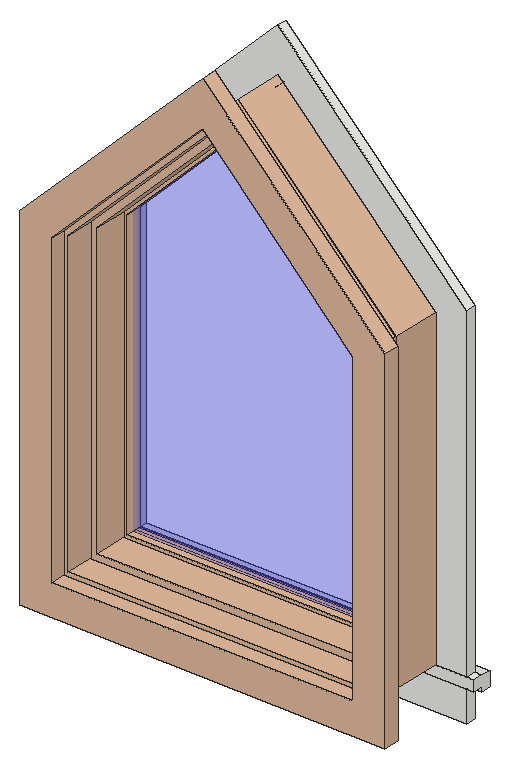
Revit family "M_Janela-fixa-pentágono", category Janelas, Revit 2019
Family settings
  Hospedeiro = Parede
  Número OmniClass = 23.30.20.17.11
  Título OmniClass = Fixed Windows
  Sempre na vertical = Sim
  Corte com vazios quando carregada = Não
  Compartilhado = Não
  Ponto de cálculo do ambiente = Não
Parameters (values of type "600 x 900mm")
  Janela aplicada [instance] = 0 mm
  Espessura da parede [instance] = 150 mm
  Visual Light Transmittance = 0.81
  Picos de altura = 300 mm
  Resistência térmica (R) = 0.319569 (m²·K)/W
  Solar Heat Gain Coefficient = 0.76
  Largura bruta = Largura + 15 mm  # 615 mm
  Altura bruta = Altura + 15 mm  # 915 mm
  Altura lateral = 600 mm
  Fechamento da parede interior [instance] = 54.75 mm
  Visibilidade do recorte interior [instance] = yes
  Material da apara interior = Madeira – Manchada
  Recorte interior = M_Moldura-janela-interior-plana-pentágono : Quadro
  Altura = Picos de altura + Altura lateral  # 900 mm
  Material da moldura interior = Madeira – Manchada
  Coeficiente de transferência de calor (U) = 3.12929 W/(m²·K)
  Material do painel de vidro = Vidro
  Extensão do quadro [instance] = if(Visibilidade da apara externa, Janela aplicada + 6.35 mm, 6.35 mm)  # 6.35 mm
  Classificação de incêndio = "0.5h"
  Fechamento da parede externa [instance] = 31.75 mm
  Visibilidade da apara externa [instance] = yes
  Material da apara externa = Revestimento – Branco
  Apara externa = M_Moldura-janela-exterior-plana-pentágono : com peitoril
  Material da moldura exterior = Revestimento – Branco
  Visibilidade do umbral da extensão [instance] = and(Visibilidade do recorte interior, Espessura da parede - Janela aplicada > 95.25 mm)  # yes
  Umbral da extensão [instance] = if(Espessura da parede - Janela aplicada > 95.25 mm, Espessura da parede - Janela aplicada - 95.25 mm, 25.4 mm)  # 54.75 mm
  Distância 6 = (38.1 mm - cos(Ângulo) * 38.1 mm) / sin(Ângulo)  # 15.782 mm
  Distância 5 = (19.05 mm - cos(Ângulo) * 19.05 mm) / sin(Ângulo)  # 7.891 mm
  Distância 3 = 38.1 mm / sin(Ângulo)  # 53.882 mm
  Distância 2 = 19.05 mm / sin(Ângulo)  # 26.941 mm
  Distância 1 = 12.7 mm / sin(Ângulo)  # 17.961 mm
  Distância 4 = (12.7 mm - cos(Ângulo) * 12.7 mm) / sin(Ângulo)  # 5.261 mm
  Altura-padrão do peitoril = 900 mm
  Fechamento da parede = Por hospedeiro
  Largura = 600 mm
  Código de montagem = "B2020100"
  Ângulo = atan(0.5 * Largura / Picos de altura)  # 45.00°
  Construção analítica = "Vidraça dupla – residencial"
Reference planes
  plane 1 "Centro (Frente/Trás)": y = 0
  plane 2: z = 0
  plane 3 "Centro (Esquerda/Direita)": x = 0
  plane 4 "Esquerda": x = -300
  plane 5 "Direita": x = 300
  plane 6 "Peitoril": z = 900
  plane 7 "Superior": z = 1800
  plane 8 "Inset Face": y = 75
  plane 9 "Fechamento da parede": y = -20.25
  plane 10 "Face do caixilho": y = 87.7
  plane 11 "Exterior": y = 75
  plane 12: x = 287.3
  plane 13: x = -287.3
  plane 14: z = 1787.3
  plane 15: z = 912.7
  plane 16: x = 261.9
  plane 17: x = -261.9
  plane 18: z = 1761.9
  plane 19: z = 938.1
  plane 20: y = 55.95
  plane 21 "Vidro": y = 65.475
  plane 22: y = 94.05
  plane 23: y = 94.05
  plane 24 "Interior": y = -75
  plane 25 "Umbral": y = -20.25
  plane 26: z = 1500
  plane 27: z = 1143
  plane 28: y = -20.25
  plane 29: y = 43.25
  plane 30: x = 280.95
  plane 31: x = -280.95
  plane 32: z = 1782.039
  plane 33: z = 1773.059
  plane 34: z = 1746.118
  plane 35: z = 1494.739
  plane 36: z = 1492.109
  plane 37: z = 1484.218
  plane 38: y = 94.05
Forms (mm)
  Sweep 1, solid, material "Madeira – Manchada" <- "Material da moldura interior"
    path origin (0, 87.7, 0) x (-1, 0, 0) y (0, 0, 1)
      loop
        line (-300, 900) -> (300, 900) -> (300, 1500) -> (0, 1800) -> (-300, 1500) -> (-300, 900)
    profile origin (300, 87.7, 1200) x (1, 0, 0) y (0, 1, 0)
      loop
        line (0, 6.35) -> (-12.7, 6.35) -> (-12.7, -44.45) -> (-31.75, -44.45) -> (-31.75, -107.95) -> (0, -107.95) -> (0, 6.35)
  Extrusion 2, solid, material "Madeira – Manchada" <- "Material da moldura interior", visible <- "Visibilidade do umbral da extensão"
    sketch origin (0, 0, 0) x (1, 0, 0) y (0, 0, 1)
      loop
        line (300, 900) -> (300, 1500) -> (0, 1800) -> (-300, 1500) -> (-300, 900) -> (300, 900)
      loop
        line (280.95, 919.05) -> (280.95, 1492.109) -> (0, 1773.059) -> (-280.95, 1492.109) -> (-280.95, 919.05) -> (280.95, 919.05)
    from 20.25 to 75
  Sweep 3, solid, material "Madeira – Manchada" <- "Material da moldura interior"
    path origin (0, 87.7, 0) x (-1, 0, 0) y (0, 0, 1)
      loop
        line (-287.3, 912.7) -> (287.3, 912.7) -> (287.3, 1494.739) -> (0, 1782.039) -> (-287.3, 1494.739) -> (-287.3, 912.7)
    profile origin (287.3, 87.7, 1203.72) x (1, 0, 0) y (0, 1, 0)
      loop
        line (0, -12.7) -> (-25.4, -12.7) -> (-25.4, -44.45) -> (0, -44.45) -> (0, -12.7)
  Extrusion 4, solid, material "Vidro" <- "Material do painel de vidro"
    sketch origin (-697.666, 65.475, 1219.2) x (-1, 0, 0) y (0, 0, 1)
      loop
        line (-959.566, -281.1) -> (-435.766, -281.1) -> (-435.766, 265.018) -> (-697.666, 526.918) -> (-959.566, 265.018) -> (-959.566, -281.1)
    from 3.175 to 9.525
  Extrusion 5, solid, material "Vidro" <- "Material do painel de vidro"
    sketch origin (-697.666, 65.475, 1219.2) x (-1, 0, 0) y (0, 0, 1)
      loop
        line (-959.566, -281.1) -> (-435.766, -281.1) -> (-435.766, 265.018) -> (-697.666, 526.918) -> (-959.566, 265.018) -> (-959.566, -281.1)
    from -3.175 to -9.525
  Sweep 6, solid, material "Revestimento – Branco" <- "Material da moldura exterior"
    path origin (0, 0, 0) x (1, 0, 0) y (0, 0, 1)
      loop
        line (-287.3, 912.7) -> (287.3, 912.7) -> (287.3, 1494.739) -> (0, 1782.039) -> (-287.3, 1494.739) -> (-287.3, 912.7)
    profile origin (-287.3, 0, 1203.72) x (-1, 0, 0) y (0, -1, 0)
      loop
        line (-25.4, -87.7) -> (0, -87.7) -> (0, -75) -> (-25.4, -75) -> (-25.4, -87.7)
Lines and regions (mm)
  Opening 1
    outline origin (-1524, -75, 0) x (1, 0, 0) y (0, 0, 1)
      loop
        line (1224, 1500) -> (1224, 900) -> (1824, 900) -> (1824, 1500) -> (1524, 1800) -> (1224, 1500)
  Split face 1
    outline origin (-261.9, 43.25, 938.1) x (1, 0, 0) y (0, 1, 0)
      loop
        line (0, 19.05) -> (523.8, 19.05)
  reference lines
    curve 1: line (300, 0, 1500) -> (0, 0, 1800)
    curve 2: line (0, 0, 1800) -> (-300, 0, 1500)
    curve 3: line (-300, 0, 1500) -> (0, 0, 1800)
    curve 4: line (287.3, 0, 1494.739) -> (0, 0, 1782.039)
    curve 5: line (0, 0, 1782.039) -> (-287.3, 0, 1494.739)
    curve 6: line (280.95, 0, 1492.109) -> (0, 0, 1773.059)
    curve 7: line (0, 0, 1773.059) -> (-280.95, 0, 1492.109)
    curve 8: line (261.9, 0, 1484.218) -> (0, 0, 1746.118)
    curve 9: line (0, 0, 1746.118) -> (-261.9, 0, 1484.218)
Text (mm)
  text "EXTERIOR" at (-1490.695, 1293.036, 0), in view "Nível de referência"
  text "INTERIOR" at (-1490.695, -959.266, 0), in view "Nível de referência"
  text "Exterior" at (0, 1108.87, 3129.179), in view "Esquerda"
  text "Exterior" at (0, 464.664, 3176.206), in view "Direita"
Dimensions and locks
  equal spacing: plane 4 "Esquerda", plane 3 "Centro (Esquerda/Direita)", plane 5 "Direita"
  "Largura": plane 4 "Esquerda" to plane 5 "Direita"
  "Altura-padrão do peitoril": plane 2 to plane 6 "Peitoril"
  locked: plane 10 "Face do caixilho" to plane 8 "Inset Face" at 12.7
  "Espessura da parede": host wall to host wall
  "Janela aplicada": plane 11 "Exterior" to plane 8 "Inset Face"
  locked: Sweep 1 sketch curve to plane 5 "Direita" at 31.75
  locked: Sweep 1 sketch curve to plane 5 "Direita" at 12.7
  locked: plane 10 "Face do caixilho" to Sweep 1 sketch curve at 44.45
  locked: plane 12 to plane 5 "Direita" at 12.7
  locked: plane 4 "Esquerda" to plane 13 at 12.7
  locked: plane 14 to plane 7 "Superior" at 12.7
  locked: plane 6 "Peitoril" to plane 15 at 12.7
  locked: plane 16 to plane 12 at 25.4
  locked: plane 13 to plane 17 at 25.4
  locked: plane 18 to plane 14 at 25.4
  locked: plane 15 to plane 19 at 25.4
  locked: Extrusion 2 sketch curve to plane 5 "Direita" at 19.05
  locked: Extrusion 2 sketch curve to plane 4 "Esquerda" at 19.05
  locked: plane 6 "Peitoril" to Extrusion 2 sketch curve at 19.05
  equal spacing: plane 8 "Inset Face", plane 21 "Vidro", plane 20
  locked: plane 8 "Inset Face" to plane 20 at 19.05
  locked: plane 22 to plane 11 "Exterior" at 19.05
  locked: plane 23 to plane 10 "Face do caixilho" at 6.35
  "Umbral da extensão": plane 25 "Umbral" to plane 24 "Interior"
  locked: plane 8 "Inset Face" to plane 9 "Fechamento da parede" at 95.25
  "Fechamento da parede interior": plane 28 to plane 24 "Interior"
  "Fechamento da parede externa": plane 11 "Exterior" to plane 29
  "Altura lateral": plane 6 "Peitoril" to plane 26
  "Picos de altura": plane 26 to plane 7 "Superior"
  locked: plane 4 "Esquerda" to plane 31 at 19.05
  locked: plane 30 to plane 5 "Direita" at 19.05
  "Distância 1": plane 32 to plane 7 "Superior"
  "Distância 2": plane 33 to plane 7 "Superior"
  "Distância 3": plane 34 to plane 7 "Superior"
  "Distância 4": plane 35 to plane 26
  "Distância 5": plane 36 to plane 26
  "Distância 6": plane 37 to plane 26
  "Extensão do quadro": plane 38 to plane 10 "Face do caixilho"
  aligned and locked: plane 6 "Peitoril" to Opening 1 sketch curve  (x2)
  aligned and locked: level to plane 2
  aligned and locked: host wall to plane 11 "Exterior"
  aligned and locked: plane 5 "Direita" to Sweep 1 sketch curve  (x2)
  aligned and locked: Sweep 1 sketch curve to plane 4 "Esquerda"
  aligned and locked: Sweep 1 sketch curve to plane 6 "Peitoril"
  aligned and locked: Extrusion 2 sketch curve to host wall  (x3)
  aligned and locked: host wall to Extrusion 2
  aligned and locked: plane 15 to Sweep 3 sketch curve
  aligned and locked: plane 24 "Interior" to host wall
  aligned and locked: plane 25 "Umbral" to Extrusion 2
  aligned and locked: plane 9 "Fechamento da parede" to Sweep 1
  aligned and locked: nested 1 to plane 4 "Esquerda"
  aligned and locked: plane 11 "Exterior" to nested 1
  aligned and locked: plane 12 to Sweep 3 sketch curve
  aligned and locked: plane 16 to Sweep 3 sketch curve
  aligned and locked: plane 16 to Extrusion 4 sketch curve
  aligned and locked: plane 17 to Extrusion 4 sketch curve
  aligned and locked: Extrusion 4 sketch curve to plane 19
  aligned and locked: plane 16 to Extrusion 5 sketch curve
  aligned and locked: Extrusion 5 sketch curve to plane 19
  aligned and locked: plane 17 to Extrusion 5 sketch curve
  aligned and locked: Sweep 3 sketch curve to plane 13
  aligned and locked: plane 8 "Inset Face" to Sweep 3 sketch curve
  aligned and locked: Sweep 6 sketch curve to plane 12
  aligned and locked: plane 13 to Sweep 6 sketch curve
  aligned and locked: Sweep 6 sketch curve to plane 15
  aligned and locked: plane 10 "Face do caixilho" to Sweep 6 sketch curve
  aligned and locked: Sweep 6 sketch curve to plane 17
  aligned and locked: Sweep 6 sketch curve to Sweep 3  (x2)
  aligned and locked: plane 7 "Superior" to nested 1
  aligned and locked: plane 7 "Superior" to nested 3
  aligned and locked: plane 7 "Superior" to nested 2
  aligned and locked: nested 2 to plane 3 "Centro (Esquerda/Direita)"
  aligned and locked: plane 3 "Centro (Esquerda/Direita)" to nested 3
  aligned and locked: plane 5 "Direita" to curve 1
  aligned and locked: plane 4 "Esquerda" to curve 3
  aligned and locked: plane 3 "Centro (Esquerda/Direita)" to curve 2
  aligned and locked: plane 3 "Centro (Esquerda/Direita)" to curve 7
  aligned and locked: plane 3 "Centro (Esquerda/Direita)" to curve 8
  aligned and locked: plane 16 to curve 8
  aligned and locked: plane 17 to curve 9
  aligned and locked: Sweep 1 sketch curve to curve 1
  aligned and locked: Sweep 1 sketch curve to curve 3
  aligned and locked: plane 3 "Centro (Esquerda/Direita)" to Sweep 1 sketch curve
  aligned and locked: plane 7 "Superior" to Sweep 1 sketch curve
  aligned and locked: Opening 1 sketch curve to curve 1
  aligned and locked: Opening 1 sketch curve to curve 3
  aligned and locked: plane 5 "Direita" to Opening 1 sketch curve
  aligned and locked: plane 3 "Centro (Esquerda/Direita)" to Opening 1 sketch curve
  aligned and locked: plane 4 "Esquerda" to Opening 1 sketch curve
  aligned and locked: plane 7 "Superior" to Opening 1 sketch curve
  aligned and locked: plane 32 to curve 5
  aligned and locked: plane 33 to curve 6
  aligned and locked: plane 34 to curve 8
  aligned and locked: plane 30 to curve 6
  aligned and locked: plane 12 to curve 4
  aligned and locked: plane 31 to curve 7
  aligned and locked: plane 13 to curve 5
  aligned and locked: plane 35 to curve 4
  aligned and locked: curve 5 to plane 35
  aligned and locked: plane 7 "Superior" to curve 2
  aligned and locked: plane 36 to curve 6
  aligned and locked: plane 36 to curve 7
  aligned and locked: plane 37 to curve 8
  aligned and locked: plane 37 to curve 9
  aligned and locked: plane 26 to curve 3
  aligned and locked: plane 26 to curve 1
  aligned and locked: Extrusion 2 sketch curve to Sweep 1  (x2)
  aligned and locked: Extrusion 2 sketch curve to curve 6
  aligned and locked: Extrusion 2 sketch curve to curve 7
  aligned and locked: Sweep 6 sketch curve to Sweep 1  (x2)
  aligned and locked: Sweep 3 sketch curve to Sweep 1  (x2)
  aligned and locked: Extrusion 4 sketch curve to Sweep 6  (x2)
  aligned and locked: Extrusion 5 sketch curve to Sweep 6  (x2)
  aligned and locked: plane 38 to Sweep 1 sketch curve
Automatic sketch dimensions
  Sweep 1 sketch curve to profile plane = 0 mm
  Sweep 1 sketch curve to Sweep 1 sketch curve = 63.5 mm
  Split face 1 sketch curve to Sweep 3 = 0 mm  (x2)
  Sweep 3 sketch curve to profile plane = 0 mm
  Sweep 3 sketch curve to plane 10 "Face do caixilho" = 44.45 mm
  curve 4 to plane 3 "Centro (Esquerda/Direita)" = 0 mm
  Split face 1 sketch curve to Sweep 3 = 12.7 mm
Nested families
  nested 1: "M_Plana-fixa" at (0, 75, 900) x (-1, 0, 0) z (0, 0, 1), Largura <- "Largura", Janela aplicada <- "Janela aplicada", Espessura da parede <- "Espessura da parede", Altura <- "Altura", type "M_Plana-fixa"
    with Janela aplicada de 3D 0 mm, Janela aplicada 0 mm, Largura 600 mm, Espessura da parede 150 mm, Altura 900 mm
  nested 2: "M_Moldura-janela-exterior-plana-pentágono" at (0, 75, 1800) x (-1, 0, 0) z (0, 1, 0), visible <- "Visibilidade da apara externa", Material da apara <- "Material da apara externa", Largura da abertura <- "Largura", type <- "Apara externa", Altura da abertura <- "Altura", Altura lateral <- "Altura lateral", type "com peitoril"
    with Material da apara Revestimento – Branco, Altura lateral 600 mm, Picos de altura 300 mm, Largura da abertura 600 mm, Altura da abertura 900 mm, Distância 2 24.853 mm, Distância 1 84.853 mm, Ângulo 45.00°
  nested 3: "M_Moldura-janela-interior-plana-pentágono" at (0, -75, 1800) x (1, 0, 0) z (0, -1, 0), visible <- "Visibilidade do recorte interior", Material da apara <- "Material da apara interior", Largura da abertura <- "Largura", type <- "Recorte interior", Altura da abertura <- "Altura", Altura lateral <- "Altura lateral", type "Quadro"
    with Material da apara Madeira – Manchada, Altura lateral 600 mm, Picos de altura 300 mm, Largura da abertura 600 mm, Altura da abertura 900 mm, Distância 4 19.592 mm, Distância 3 24.853 mm, Distância 2 66.892 mm, Distância 1 84.853 mm, Ângulo 45.00°
Definition of nested family "M_Moldura-janela-exterior-plana-pentágono"
  Parameters (values of type "com peitoril")
    Picos de altura [instance] = Altura da abertura - Altura lateral  # 300 mm
    Largura da apara = 60 mm
    Espessura da apara_Quadro = 30 mm
    Espessura da apara_com peitoril = 19.05 mm
    Material da apara [instance] = none
    Espessura do peitoril = 30 mm
    Peitoril = yes
    Quadro = no
    Largura da abertura [instance] = 600 mm
    Altura da abertura [instance] = 900 mm
    Altura lateral [instance] = 600 mm
    Distância 2 [instance] = (Largura da apara - cos(Ângulo) * Largura da apara) / sin(Ângulo)  # 24.853 mm
    Distância 1 [instance] = Largura da apara / sin(Ângulo)  # 84.853 mm
    Default Elevation = 1200 mm
    Ângulo [instance] = atan(0.5 * Largura da abertura / Picos de altura)  # 45.00°
  Types (2, lengths in mm): name | Peitoril | Quadro
    com peitoril | yes | no
    Quadro | no | yes
  Reference planes
    plane 1 "Centro (Frente/Trás)": y = 0
    plane 2: z = 0
    plane 3 "Centro (Esquerda/Direita)": x = 0
    plane 4 "Esquerda": x = -300
    plane 5 "Direita": x = 300
    plane 6 "Inferior": y = -900
    plane 7: y = -930
    plane 8: y = -980.432
    plane 9: x = 360
    plane 10: x = -360
    plane 11: z = 19.05
    plane 12: z = 30
    plane 13: x = 372.7
    plane 14: x = -372.7
    plane 15: y = -920.432
    plane 16: y = -960
    plane 17: z = 12.7
    plane 18: z = 38.1
    plane 19: y = -300
    plane 20: y = 84.853
    plane 21: y = -275.147
  Forms (mm)
    Extrusion 1, solid
      sketch origin (0, 0, 0) x (1, 0, 0) y (0, 1, 0)
        loop
          line (-361.95, 80.822) -> (-361.95, -914.4) -> (361.95, -914.4) -> (361.95, 80.822) -> (-361.95, 80.822)
      from 0 to -304.8
    Extrusion 2, solid, material <- "Material da apara", visible <- "Peitoril"
      sketch origin (0, 0, 0) x (1, 0, 0) y (0, 1, 0)
        loop
          line (-360, -900) -> (-300, -900) -> (-300, -300) -> (0, 0) -> (300, -300) -> (300, -900) -> (360, -900) -> (360, -275.147) -> (0, 84.853) -> (-360, -275.147) -> (-360, -900)
      from 0 to 19.05
    Extrusion 3, solid, material <- "Material da apara", visible <- "Peitoril"
      sketch origin (0, 0, 0) x (0, 1, 0) y (0, 0, 1)
        loop
          line (-902.458, 38.1) -> (-930, 38.1) -> (-930, 19.05) -> (-920.432, 19.05) -> (-920.432, 0) -> (-900, 0) -> (-900, 19.05) -> (-902.458, 38.1)
      from -372.7 to 372.7
    Extrusion 4, solid, material <- "Material da apara", visible <- "Peitoril"
      sketch origin (0, 0, 0) x (1, 0, 0) y (0, 1, 0)
        loop
          line (-360, -920.432) -> (-360, -980.432) -> (360, -980.432) -> (360, -920.432) -> (-360, -920.432)
      from 0 to 19.05
    Extrusion 5, solid, material <- "Material da apara", visible <- "Quadro"
      sketch origin (0, 0, 0) x (1, 0, 0) y (0, 1, 0)
        loop
          line (-300, -900) -> (300, -900) -> (300, -300) -> (0, 0) -> (-300, -300) -> (-300, -900)
        loop
          line (-360, -960) -> (360, -960) -> (360, -275.147) -> (0, 84.853) -> (-360, -275.147) -> (-360, -960)
      from 0 to 30
  Lines and regions (mm)
    reference lines
      curve 1: line (-300, -300, 0) -> (0, 0, 0)
      curve 2: line (0, 0, 0) -> (300, -300, 0)
      curve 3: line (-360, -275.147, 0) -> (0, 84.853, 0)
      curve 4: line (0, 84.853, 0) -> (360, -275.147, 0)
  Dimensions and locks
    equal spacing: plane 4 "Esquerda", plane 3 "Centro (Esquerda/Direita)", plane 5 "Direita"
    "Largura da abertura": plane 4 "Esquerda" to plane 5 "Direita"
    "Espessura do peitoril": plane 6 "Inferior" to plane 7
    "Largura da apara": plane 10 to plane 4 "Esquerda"
    "Largura da apara": plane 5 "Direita" to plane 9
    locked: plane 14 to plane 10 at 12.7
    locked: plane 9 to plane 13 at 12.7
    locked: plane 15 to plane 7 at 9.568
    "Largura da apara": plane 8 to plane 15
    "Largura da apara": plane 16 to plane 6 "Inferior"
    locked: plane 17 to plane 2 at 12.7
    locked: plane 18 to plane 11 at 19.05
    "Espessura da apara_com peitoril": plane 11 to plane 2
    "Espessura da apara_Quadro": plane 12 to plane 2
    "Altura lateral": plane 19 to plane 6 "Inferior"
    "Distância 1": plane 20 to plane 1 "Centro (Frente/Trás)"
    "Distância 2": plane 21 to plane 19
    "Altura da abertura": plane 6 "Inferior" to plane 1 "Centro (Frente/Trás)"
    aligned and locked: plane 2 to Extrusion 1
    aligned and locked: level to Extrusion 1
    aligned and locked: Extrusion 2 sketch curve to plane 4 "Esquerda"
    aligned and locked: Extrusion 2 sketch curve to plane 10
    aligned and locked: plane 9 to Extrusion 2 sketch curve
    aligned and locked: Extrusion 2 sketch curve to plane 5 "Direita"
    aligned and locked: plane 11 to Extrusion 2
    aligned and locked: Extrusion 3 sketch curve to level
    aligned and locked: plane 6 "Inferior" to Extrusion 3 sketch curve
    aligned and locked: Extrusion 3 sketch curve to plane 7
    aligned and locked: plane 14 to Extrusion 3
    aligned and locked: Extrusion 3 to plane 13
    aligned and locked: plane 9 to Extrusion 4 sketch curve
    aligned and locked: Extrusion 4 sketch curve to plane 10
    aligned and locked: plane 15 to Extrusion 4 sketch curve
    aligned and locked: plane 8 to Extrusion 4 sketch curve
    aligned and locked: Extrusion 4 to Extrusion 2
    aligned and locked: Extrusion 5 sketch curve to plane 5 "Direita"
    aligned and locked: plane 9 to Extrusion 5 sketch curve
    aligned and locked: Extrusion 5 sketch curve to plane 4 "Esquerda"
    aligned and locked: Extrusion 5 sketch curve to plane 10
    aligned and locked: plane 12 to Extrusion 5
    aligned and locked: plane 18 to Extrusion 3
    aligned and locked: plane 19 to curve 1
    aligned and locked: plane 4 "Esquerda" to curve 1
    aligned and locked: plane 19 to curve 2
    aligned and locked: plane 5 "Direita" to curve 2
    aligned and locked: plane 1 "Centro (Frente/Trás)" to curve 2
    aligned and locked: plane 3 "Centro (Esquerda/Direita)" to curve 2
    aligned and locked: plane 9 to curve 4
    aligned and locked: plane 10 to curve 3
    aligned and locked: plane 3 "Centro (Esquerda/Direita)" to curve 3
    aligned and locked: plane 21 to curve 4
    aligned and locked: plane 21 to curve 3
    aligned and locked: plane 20 to curve 4
    aligned and locked: Extrusion 5 sketch curve to plane 16
    aligned and locked: plane 6 "Inferior" to Extrusion 5 sketch curve
    aligned and locked: Extrusion 5 sketch curve to curve 3
    aligned and locked: Extrusion 5 sketch curve to curve 1
    aligned and locked: Extrusion 5 sketch curve to curve 2
    aligned and locked: Extrusion 5 sketch curve to curve 4
    aligned and locked: plane 6 "Inferior" to Extrusion 2 sketch curve  (x2)
    aligned and locked: Extrusion 2 sketch curve to curve 1
    aligned and locked: Extrusion 2 sketch curve to curve 3
    aligned and locked: Extrusion 2 sketch curve to curve 2
    aligned and locked: Extrusion 2 sketch curve to curve 4
  Automatic sketch dimensions
    Extrusion 1 sketch curve to Extrusion 1 sketch curve = 723.9 mm
    Extrusion 1 sketch curve to Extrusion 1 sketch curve = 995.222 mm
    Extrusion 3 sketch curve to plane 15 = 0 mm
    Extrusion 3 sketch curve to plane 11 = 0 mm  (x2)
    Extrusion 3 sketch curve to plane 6 "Inferior" = 2.458 mm
    plane 12 to Extrusion 3 sketch curve = 8.1 mm
Definition of nested family "M_Moldura-janela-interior-plana-pentágono"
  Parameters (values of type "com peitoril")
    Picos de altura [instance] = Altura da abertura - Altura lateral  # 300 mm
    Espessura da apara_Quadro = 30 mm
    Largura da apara = 60 mm
    Espessura da apara_com peitoril = 20 mm
    Material da apara [instance] = none
    Espessura do peitoril = 30 mm
    Peitoril = yes
    Quadro = no
    Largura da abertura [instance] = 600 mm
    Altura da abertura [instance] = 900 mm
    Altura lateral [instance] = 600 mm
    Distância 4 [instance] = ((Largura da apara - 12.7 mm) - cos(Ângulo) * (Largura da apara - 12.7 mm)) / sin(Ângulo)  # 19.592 mm
    Distância 3 [instance] = (Largura da apara - cos(Ângulo) * Largura da apara) / sin(Ângulo)  # 24.853 mm
    Distância 2 [instance] = (Largura da apara - 12.7 mm) / sin(Ângulo)  # 66.892 mm
    Distância 1 [instance] = Largura da apara / sin(Ângulo)  # 84.853 mm
    Default Elevation = 1200 mm
    Ângulo [instance] = atan(0.5 * Largura da abertura / Picos de altura)  # 45.00°
  Types (2, lengths in mm): name | Peitoril | Quadro
    com peitoril | yes | no
    Quadro | no | yes
  Reference planes
    plane 1 "Centro (Frente/Trás)": y = 0
    plane 2: z = 0
    plane 3 "Centro (Esquerda/Direita)": x = 0
    plane 4 "Esquerda": x = -300
    plane 5 "Direita": x = 300
    plane 6 "Inferior": y = -900
    plane 7: y = -930
    plane 8: y = -980.432
    plane 9: x = 347.3
    plane 10: x = -347.3
    plane 11: z = 20
    plane 12: z = 30
    plane 13: x = 360
    plane 14: x = -360
    plane 15: y = -920.432
    plane 16: y = -947.3
    plane 17: z = 12.7
    plane 18: x = -287.3
    plane 19: y = -12.7
    plane 20: x = 287.3
    plane 21: y = -887.3
    plane 22: x = -334.6
    plane 23: x = 334.6
    plane 24: y = -300
    plane 25: y = 54.192
    plane 26: y = 72.153
    plane 27: y = -275.147
    plane 28: y = -280.408
  Forms (mm)
    Extrusion 1, solid
      sketch origin (0, 0, 0) x (1, 0, 0) y (0, 1, 0)
        loop
          line (-349.25, 68.122) -> (-349.25, -914.4) -> (349.25, -914.4) -> (349.25, 68.122) -> (-349.25, 68.122)
      from 0 to -304.8
    Extrusion 2, solid, material <- "Material da apara", visible <- "Peitoril"
      sketch origin (0, 0, 0) x (1, 0, 0) y (0, 1, 0)
        loop
          line (-334.6, -900) -> (-287.3, -900) -> (-287.3, -300) -> (0, -12.7) -> (287.3, -300) -> (287.3, -900) -> (334.6, -900) -> (334.6, -280.408) -> (0, 54.192) -> (-334.6, -280.408) -> (-334.6, -900)
      from 0 to 20
    Extrusion 3, solid, material <- "Material da apara", visible <- "Peitoril"
      sketch origin (0, 0, 0) x (0, 1, 0) y (0, 0, 1)
        loop
          line (-912.7, 39.05) -> (-920.432, 39.05) -> (-920.432, 0) -> (-900, 0) -> (-900, 26.35)
          arc (-900, 26.35) -> (-903.72, 35.33) -> (-912.7, 39.05) r 12.7
      from -347.3 to 347.3
    Extrusion 4, solid, material <- "Material da apara", visible <- "Peitoril"
      sketch origin (0, 0, 0) x (1, 0, 0) y (0, 1, 0)
        loop
          line (-334.6, -920.432) -> (-334.6, -980.432) -> (334.6, -980.432) -> (334.6, -920.432) -> (-334.6, -920.432)
      from 0 to 20
    Extrusion 5, solid, material <- "Material da apara", visible <- "Quadro"
      sketch origin (0, 0, 0) x (1, 0, 0) y (0, 1, 0)
        loop
          line (-287.3, -887.3) -> (287.3, -887.3) -> (287.3, -300) -> (0, -12.7) -> (-287.3, -300) -> (-287.3, -887.3)
        loop
          line (-347.3, -947.3) -> (347.3, -947.3) -> (347.3, -275.147) -> (0, 72.153) -> (-347.3, -275.147) -> (-347.3, -947.3)
      from 0 to 30
  Lines and regions (mm)
    reference lines
      curve 1: line (-287.3, -300, 0) -> (0, -12.7, 0)
      curve 2: line (0, -12.7, 0) -> (287.3, -300, 0)
      curve 3: line (-334.6, -280.408, 0) -> (0, 54.192, 0)
      curve 4: line (0, 54.192, 0) -> (334.6, -280.408, 0)
      curve 5: line (-347.3, -275.147, 0) -> (0, 72.153, 0)
      curve 6: line (0, 72.153, 0) -> (347.3, -275.147, 0)
  Dimensions and locks
    equal spacing: plane 4 "Esquerda", plane 3 "Centro (Esquerda/Direita)", plane 5 "Direita"
    "Largura da abertura": plane 4 "Esquerda" to plane 5 "Direita"
    "Espessura do peitoril": plane 6 "Inferior" to plane 7
    "Largura da apara": plane 10 to plane 18
    "Largura da apara": plane 20 to plane 9
    "Espessura da apara_com peitoril": plane 11 to plane 2
    locked: plane 14 to plane 10 at 12.7
    locked: plane 9 to plane 13 at 12.7
    locked: plane 15 to plane 7 at 9.568
    "Largura da apara": plane 8 to plane 15
    "Largura da apara": plane 16 to plane 21
    plane 19 to plane 1 "Centro (Frente/Trás)" = 12.7 mm
    plane 4 "Esquerda" to plane 18 = 12.7 mm
    plane 20 to plane 5 "Direita" = 12.7 mm
    plane 21 to plane 6 "Inferior" = 12.7 mm
    locked: plane 10 to plane 22 at 12.7
    locked: plane 23 to plane 9 at 12.7
    "Espessura da apara_Quadro": plane 12 to plane 2
    locked: Extrusion 3 to plane 11 at 19.05
    locked: plane 11 to Extrusion 3 sketch curve at 19.05
    "Altura lateral": plane 24 to plane 6 "Inferior"
    "Distância 2": plane 25 to plane 19
    "Distância 1": plane 26 to plane 19
    "Distância 3": plane 27 to plane 24
    "Distância 4": plane 28 to plane 24
    "Altura da abertura": plane 6 "Inferior" to plane 1 "Centro (Frente/Trás)"
    radius of Extrusion 3 sketch curve = 12.7 mm
    aligned and locked: plane 2 to Extrusion 1
    aligned and locked: level to Extrusion 1
    aligned and locked: plane 11 to Extrusion 2
    aligned and locked: Extrusion 3 sketch curve to level
    aligned and locked: plane 6 "Inferior" to Extrusion 3 sketch curve
    aligned and locked: plane 15 to Extrusion 4 sketch curve
    aligned and locked: plane 8 to Extrusion 4 sketch curve
    aligned and locked: plane 9 to Extrusion 5 sketch curve
    aligned and locked: Extrusion 5 sketch curve to plane 10
    aligned and locked: plane 12 to Extrusion 5
    aligned and locked: Extrusion 5 sketch curve to plane 18
    aligned and locked: Extrusion 5 sketch curve to plane 20
    aligned and locked: Extrusion 4 to plane 23
    aligned and locked: plane 10 to Extrusion 3
    aligned and locked: Extrusion 3 to plane 9
    aligned and locked: Extrusion 2 sketch curve to plane 20
    aligned and locked: Extrusion 2 sketch curve to plane 23
    aligned and locked: Extrusion 2 sketch curve to plane 18
    aligned and locked: Extrusion 2 sketch curve to plane 22
    aligned and locked: plane 11 to Extrusion 4
    aligned and locked: plane 24 to curve 1
    aligned and locked: plane 18 to curve 1
    aligned and locked: plane 24 to curve 2
    aligned and locked: plane 20 to curve 2
    aligned and locked: plane 19 to curve 1
    aligned and locked: plane 3 "Centro (Esquerda/Direita)" to curve 1
    aligned and locked: plane 3 "Centro (Esquerda/Direita)" to curve 3
    aligned and locked: plane 22 to curve 3
    aligned and locked: plane 23 to curve 4
    aligned and locked: plane 25 to curve 4
    aligned and locked: plane 10 to curve 5
    aligned and locked: plane 9 to curve 6
    aligned and locked: plane 26 to curve 6
    aligned and locked: plane 27 to curve 5
    aligned and locked: plane 28 to curve 3
    aligned and locked: plane 28 to curve 4
    aligned and locked: plane 27 to curve 6
    aligned and locked: Extrusion 5 sketch curve to plane 16
    aligned and locked: plane 21 to Extrusion 5 sketch curve
    aligned and locked: Extrusion 5 sketch curve to curve 1
    aligned and locked: Extrusion 5 sketch curve to curve 5
    aligned and locked: Extrusion 5 sketch curve to curve 2
    aligned and locked: Extrusion 5 sketch curve to curve 6
    aligned and locked: plane 6 "Inferior" to Extrusion 2 sketch curve  (x2)
    aligned and locked: Extrusion 2 sketch curve to Extrusion 5  (x2)
    aligned and locked: Extrusion 2 sketch curve to curve 3
    aligned and locked: Extrusion 2 sketch curve to curve 4
    aligned and locked: plane 28 to Extrusion 2 sketch curve  (x2)
    aligned and locked: plane 24 to Extrusion 2 sketch curve
    aligned and locked: plane 3 "Centro (Esquerda/Direita)" to Extrusion 2 sketch curve  (x2)
  Automatic sketch dimensions
    Extrusion 1 sketch curve to Extrusion 1 sketch curve = 698.5 mm
    Extrusion 1 sketch curve to Extrusion 1 sketch curve = 982.522 mm
    Extrusion 3 sketch curve to plane 15 = 0 mm
    Extrusion 4 sketch curve to plane 10 = 12.7 mm
    Extrusion 4 sketch curve to plane 23 = 0 mm
    curve 6 to plane 3 "Centro (Esquerda/Direita)" = 0 mm
Definition of nested family "M_Plana-fixa"
  Parameters (values of type "M_Plana-fixa")
    Janela aplicada [instance] = 25 mm
    Janela aplicada de 3D [instance] = if(Janela aplicada - 12.7 mm < 0 mm, 0 mm, if(Janela aplicada - 12.7 mm < Espessura da parede - 88.9 mm, Janela aplicada - 12.7 mm, Espessura da parede - 88.9 mm))  # 12.3 mm
    Width [instance] = 1200 mm
    Espessura da parede [instance] = 150 mm
    Height [instance] = 900 mm
    Default Elevation = 1200 mm
    Analytic Construction = "<Nenhum>"
  Reference planes
    plane 1 "Centro (Frente/Trás)": y = 0
    plane 2: z = 0
    plane 3 "Centro (Esquerda/Direita)": x = 0
    plane 4: x = -600
    plane 5: x = 600
    plane 6 "Umbral": y = -101.2
    plane 7: x = -587.3
    plane 8: x = -568.25
    plane 9: y = -12.3
    plane 10: y = -56.75
    plane 11: y = -34.525
    plane 12: x = -561.9
    plane 13: x = 587.3
    plane 14: x = 568.25
    plane 15: x = 561.9
    plane 16 "Janela aplicada": y = -25
    plane 17 "Parede": y = -150
    plane 18: z = 900
    plane 19: z = 887.3
    plane 20: z = 12.7
    plane 21: z = 868.25
    plane 22: z = 31.75
    plane 23: z = 861.9
    plane 24: z = 38.1
  Lines and regions (mm)
    Masking region 1
      outline origin (0, 19.05, 0) x (1, 0, 0) y (0, 1, 0)
        loop
          line (-600, -169.05) -> (600, -169.05) -> (600, -19.05) -> (-600, -19.05) -> (-600, -169.05)
    Masking region 2
      outline origin (0, 0, 0) x (0, 1, 0) y (0, 0, 1)
        loop
          line (-150, 900) -> (-150, 0) -> (0, 0) -> (0, 900) -> (-150, 900)
    symbolic lines
      curve 1: line (-587.3, -56.75, 0) -> (-568.25, -56.75, 0)
      curve 2: line (-568.25, -56.75, 0) -> (-568.25, -101.2, 0)
      curve 3: line (-587.3, -12.3, 0) -> (-587.3, -56.75, 0)
      curve 4: line (-600, -12.3, 0) -> (-561.9, -12.3, 0)
      curve 5: line (-561.9, -12.3, 0) -> (-561.9, -56.75, 0)
      curve 6: line (-561.9, -56.75, 0) -> (-568.25, -56.75, 0)
      curve 7: line (-561.9, -34.525, 0) -> (561.9, -34.525, 0)
      curve 8: line (587.3, -56.75, 0) -> (568.25, -56.75, 0)
      curve 9: line (568.25, -56.75, 0) -> (568.25, -101.2, 0)
      curve 10: line (587.3, -12.3, 0) -> (587.3, -56.75, 0)
      curve 11: line (561.9, -12.3, 0) -> (561.9, -56.75, 0)
      curve 12: line (561.9, -56.75, 0) -> (568.25, -56.75, 0)
      curve 13: line (-600, -101.2, 0) -> (-568.25, -101.2, 0)
      curve 14: line (568.25, -101.2, 0) -> (600, -101.2, 0)
      curve 15: line (0, -12.3, 887.3) -> (0, -56.75, 887.3)
      curve 16: line (0, -56.75, 868.25) -> (0, -101.2, 868.25)
      curve 17: line (0, -101.2, 0) -> (0, -101.2, 31.75)
      curve 18: line (0, -12.3, 12.7) -> (0, -56.75, 12.7)
      curve 19: line (0, -56.75, 12.7) -> (0, -56.75, 38.1)
      curve 20: line (0, -56.75, 31.75) -> (0, -101.2, 31.75)
      curve 21: line (0, -12.3, 900) -> (0, -12.3, 861.9)
      curve 22: line (0, -12.3, 861.9) -> (0, -56.75, 861.9)
      curve 23: line (0, -56.75, 38.1) -> (0, -12.3, 38.1)
      curve 24: line (0, -34.525, 38.1) -> (0, -34.525, 861.9)
      curve 25: line (0, -56.75, 887.3) -> (0, -56.75, 861.9)
      curve 26: line (561.9, -12.3, 0) -> (600, -12.3, 0)
      curve 27: line (0, -101.2, 868.25) -> (0, -101.2, 900)
      curve 28: line (0, -12.3, 38.1) -> (0, -12.3, 0)
      curve 29: line (-561.9, -12.3, 0) -> (561.9, -12.3, 0)
      curve 30: line (568.25, -101.2, 0) -> (-568.25, -101.2, 0)
      curve 31: line (0, -12.3, 861.9) -> (0, -12.3, 38.1)
      curve 32: line (0, -101.2, 31.75) -> (0, -101.2, 868.25)
  Dimensions and locks
    "Width": plane 4 to plane 5
    equal spacing: plane 4, plane 3 "Centro (Esquerda/Direita)", plane 5
    plane 4 to plane 7 to plane 8 = 12.7 mm locked, 19.05 mm locked
    equal spacing: plane 9, plane 11, plane 10
    plane 5 to plane 13 to plane 14 = 12.7 mm locked, 19.05 mm locked
    locked: plane 9 to plane 16 "Janela aplicada" at 12.7
    locked: plane 9 to plane 10 at 44.45
    "Espessura da parede": plane 17 "Parede" to plane 1 "Centro (Frente/Trás)"
    "Height": plane 18 to plane 2
    locked: plane 18 to plane 19 at 12.7
    locked: plane 20 to plane 2 at 12.7
    locked: plane 19 to plane 21 at 19.05
    locked: plane 22 to plane 20 at 19.05
    locked: plane 10 to plane 6 "Umbral" at 44.45
    "Janela aplicada de 3D": plane 9 to plane 1 "Centro (Frente/Trás)"
    locked: plane 7 to plane 12 at 25.4
    locked: plane 15 to plane 13 at 25.4
    locked: plane 19 to plane 23 at 25.4
    locked: plane 24 to plane 20 at 25.4
    aligned and locked: plane 2 to level
    aligned and locked: curve 2 to plane 8
    aligned and locked: curve 1 to plane 10
    aligned and locked: plane 4 to Masking region 1 sketch curve
    aligned and locked: Masking region 1 sketch curve to plane 5
    aligned and locked: plane 14 to curve 9
    aligned and locked: Masking region 1 sketch curve to plane 17 "Parede"
    aligned and locked: curve 13 to plane 6 "Umbral"
    aligned and locked: curve 14 to plane 6 "Umbral"
    aligned and locked: plane 1 "Centro (Frente/Trás)" to Masking region 1 sketch curve
    aligned and locked: Masking region 2 sketch curve to plane 18
    aligned and locked: plane 17 "Parede" to Masking region 2 sketch curve
    aligned and locked: level to Masking region 2 sketch curve
    aligned and locked: plane 6 "Umbral" to curve 17
    aligned and locked: plane 21 to curve 16
    aligned and locked: plane 19 to curve 15
    aligned and locked: plane 22 to curve 20
    aligned and locked: plane 10 to curve 19  (x2)
    aligned and locked: plane 20 to curve 18
    aligned and locked: curve 21 to plane 9
    aligned and locked: plane 23 to curve 22
    aligned and locked: curve 23 to plane 24
    aligned and locked: plane 11 to curve 24
    aligned and locked: plane 4 to curve 4
    aligned and locked: plane 5 to curve 26
    aligned and locked: plane 18 to curve 21
    aligned and locked: plane 9 to curve 15
    aligned and locked: plane 9 to curve 18
    aligned and locked: plane 2 to curve 28
    aligned and locked: plane 9 to curve 3
    aligned and locked: plane 9 to curve 10
    aligned and locked: curve 25 to plane 10
    aligned and locked: plane 19 to curve 25
    aligned and locked: plane 23 to curve 25
    aligned and locked: plane 2 to curve 17
    aligned and locked: curve 26 to plane 9
    aligned and locked: curve 4 to plane 9
    aligned and locked: curve 5 to plane 12
    aligned and locked: plane 15 to curve 11
    aligned and locked: curve 7 to plane 11
    aligned and locked: curve 12 to plane 10
    aligned and locked: plane 10 to curve 8
    aligned and locked: plane 6 "Umbral" to curve 27
  Automatic sketch dimensions
    Masking region 2 sketch curve to plane 1 "Centro (Frente/Trás)" = 0 mm
    curve 13 to plane 4 = 0 mm
    curve 3 to plane 7 = 0 mm
    curve 10 to plane 13 = 0 mm
    curve 14 to plane 5 = 0 mm
    curve 18 to plane 20 = 0 mm
    curve 27 to plane 18 = 0 mm
Types in the file's own list only (5): name | Transmissão de luz visual | Picos de altura | Resistência térmica (R) | Coeficiente de ganho de calor solar | Largura bruta | Altura bruta | Altura lateral | Altura | Coeficiente de transferência de calor (U) | Distância 6 | Distância 5 | Distância 3 | Distância 2 | Distância 1 | Distância 4 | Largura | Ângulo
  650 x 1000mm | 0.81 | 300 mm | 0.3196 (m²·K)/W | 0.76 | 665 mm | 1015 mm | 700 mm | 1000 mm | 3.1293 W/(m²·K) | 17 mm | 8 mm | 52 mm | 26 mm | 17 mm | 6 mm | 650 mm | 47.29°
  700 x 1100mm | 0.81 | 350 mm | 0.3196 (m²·K)/W | 0.76 | 715 mm | 1115 mm | 750 mm | 1100 mm | 3.1293 W/(m²·K) | 16 mm | 8 mm | 54 mm | 27 mm | 18 mm | 5 mm | 700 mm | 45.00°
  750 x 1150mm | 0.81 | 350 mm | 0.3196 (m²·K)/W | 0.76 | 765 mm | 1165 mm | 800 mm | 1150 mm | 3.1293 W/(m²·K) | 17 mm | 8 mm | 52 mm | 26 mm | 17 mm | 6 mm | 750 mm | 46.97°
  850 x 1300mm | 0.81 | 450 mm | 0.3196 (m²·K)/W | 0.76 | 865 mm | 1315 mm | 850 mm | 1300 mm | 3.1293 W/(m²·K) | 15 mm | 8 mm | 55 mm | 28 mm | 18 mm | 5 mm | 850 mm | 43.36°
  950 x 1400mm | 0.81 | 450 mm | 0.3196 (m²·K)/W | 0.76 | 965 mm | 1415 mm | 950 mm | 1400 mm | 3.1293 W/(m²·K) | 16 mm | 8 mm | 52 mm | 26 mm | 17 mm | 5 mm | 950 mm | 46.55°
